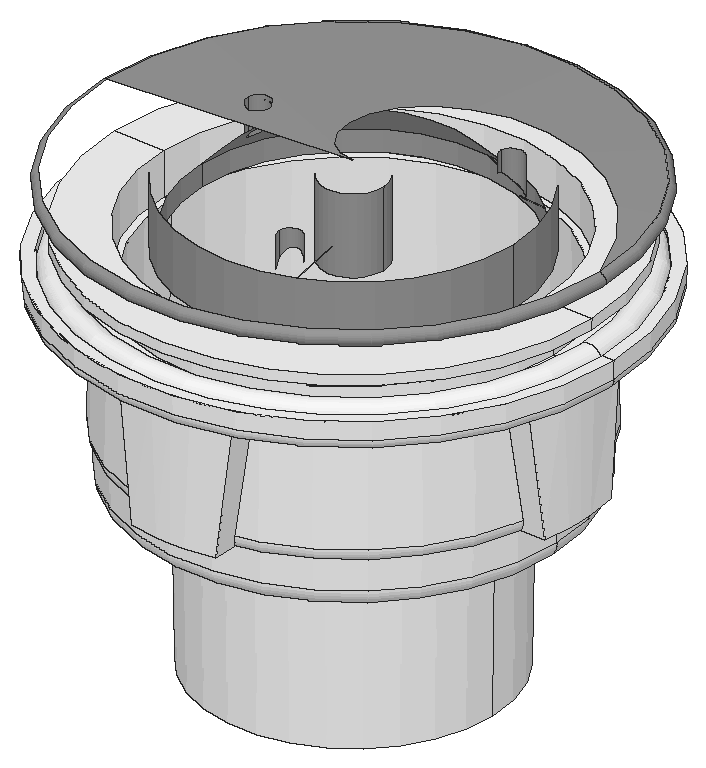
Revit family "0526.13 LRP DC HF BE50", category Plumbing Fixtures, Revit 2016
Family settings
  Part Type = Normal
  Round Connector Dimension = Use Diameter
  OmniClass Number = 23.31.27.00
  OmniClass Title = Floor Drains
  Work Plane-Based = No
  Always vertical = Yes
  Cut with Voids When Loaded = No
  Shared = No
  Room Calculation Point = No
Parameters (values of type "0526.13")
  Waste Connection = yes
  Vent Connection = no
  URL = "www.aquaknight.co.nz"
  Phone = "+6498322214"  # constant formula
  Model = "LRP DC HF BE50 – 0526.13"
  Manufacturer = "Aquanight Industries Ltd"  # constant formula
  HW Connection = no
  Email = "info@aquaknight.co.nz"  # constant formula
  Description = "DWV50 Wastetrap with chrome dome lid"
  CW Connection = no
Reference planes
  plane 1 "Center (Front/Back)": y = 0
  plane 2: z = 0
  plane 3 "Center (Left/Right)": x = 0
  plane 4: x = -12.666
  plane 5: x = -8.658
  plane 6: z = -62.638
Forms (mm)
  Revolve 1, solid, material "Plastic, Glossy White"
    sketch origin (0, 0, 0) x (1, 0, 0) y (0, 0, 1)
      loop
        line (-42.055, -39.828) -> (-42.255, -28.405) -> (-40.35, -28.405) -> (-39.919, -2.405) -> (-41.45, -2.405) -> (-41.45, 6.595) -> (-52.279, 6.595) -> (-52.279, 4.395) -> (-50.75, 3.513) -> (-46.125, 3.095)
        arc (-46.125, 3.095) -> (-44.504, 2.292) -> (-43.85, 0.606) r 2.5
        line (-43.85, 0.606) -> (-43.85, -3.399) -> (-49.924, -3.399)
        arc (-49.924, -3.399) -> (-51.565, 1.366) -> (-53.206, -3.399) r 2.665
        line (-53.206, -3.399) -> (-54.441, -3.399) -> (-54.5, 0) -> (-57, 0) -> (-56.936, -3.693)
        arc (-56.936, -3.693) -> (-56.187, -5.433) -> (-54.434, -6.149) r 2.5
        line (-54.434, -6.149) -> (-45.017, -6.149)
        spline (-45.017, -6.149) -> (-45.069, -8.251) -> (-45.119, -10.355) -> (-45.168, -12.461) -> (-45.216, -14.57) -> (-45.262, -16.68) -> (-45.306, -18.793) -> (-45.349, -20.908) -> (-45.391, -23.025) -> (-45.431, -25.143) -> (-45.469, -27.264) -> (-45.506, -29.386) -> (-45.542, -31.51)
        arc (-45.542, -31.51) -> (-45.324, -32.787) -> (-44.659, -33.899) r 3.52
        line (-44.659, -33.899) -> (-44.55, -40.153)
        arc (-44.55, -40.153) -> (-43.731, -42.479) -> (-41.682, -43.852) r 3.908
        line (-41.682, -43.852) -> (-31, -46.8) -> (-30.6, -78.8) -> (-28.2, -78.8) -> (-27.85, -48.8) -> (-25.5, -48.8)
        arc (-25.5, -48.8) -> (-26.326, -46.353) -> (-28.465, -44.906) r 4.039
        line (-28.465, -44.906) -> (-40.746, -41.517)
        arc (-40.746, -41.517) -> (-41.682, -40.89) -> (-42.055, -39.828) r 1.784
      axis (0, 6.595) -> (0, -78.8)
    angle from 0 to 360
  Revolve 2, solid, material "Steel, Chrome Plated"
    sketch origin (0, 0, 0) x (1, 0, 0) y (0, 0, 1)
      loop
        arc (0, 19.379) -> (-26.979, 18.612) -> (-53.87, 16.314) r 475
        arc (-53.87, 16.314) -> (-55.191, 14.654) -> (-53.53, 13.334) r 1.5
        arc (-53.53, 13.334) -> (-44.274, 14.298) -> (-35, 15.079) r 472
        line (-35, 15.079) -> (-35, 2.379) -> (-33.2, 2.379) -> (-33.2, 6.88)
        spline (-33.2, 6.88) -> (-32.462, 7.618) -> (-31.723, 8.356) -> (-30.984, 9.095) -> (-30.244, 9.834) -> (-29.505, 10.573) -> (-28.765, 11.312) -> (-28.025, 12.052) -> (-27.285, 12.791) -> (-26.545, 13.531) -> (-25.805, 14.271) -> (-25.064, 15.011) -> (-24.324, 15.752)
        arc (-24.324, 15.752) -> (-15.477, 16.125) -> (-6.625, 16.332) r 472
        line (-6.625, 16.332) -> (-6.625, 0) -> (0, 0) -> (0, 19.379)
      axis (0, 19.379) -> (0, 0)
    angle from 0 to 360
  SweptBlend 3, solid, material "Plastic, Glossy White", detail levels fine
    path origin (0, 0, 0) x (1, 0, 0) y (0, 0, 1)
      loop
        line (0, -6.149) -> (0, -33.899)
    profile origin (0, 0, -6.149) x (0, -1, 0) y (1, 0, 0)
      loop
        arc (48.308, -12.6) -> (49.924, 0) -> (48.308, 12.6) r 49.924
        line (48.308, 12.6) -> (43.218, 12.6)
        arc (43.218, 12.6) -> (45.017, 0) -> (43.218, -12.6) r 45.017
        line (43.218, -12.6) -> (48.308, -12.6)
    end profile origin (0, 0, -33.899) x (0, -1, 0) y (1, 0, 0)
      loop
        arc (49.088, -9.1) -> (49.924, 0) -> (49.088, 9.1) r 49.924
        line (49.088, 9.1) -> (44.088, 9.1)
        arc (44.088, 9.1) -> (45.017, 0) -> (44.088, -9.1) r 45.017
        line (44.088, -9.1) -> (49.088, -9.1)
  SweptBlend 4, solid, material "Plastic, Glossy White", detail levels fine
    path origin (0, 0, 0) x (0, -1, 0) y (0, 0, 1)
      loop
        line (0, -6.149) -> (0, -33.899)
    profile origin (0, 0, -6.149) x (-1, 0, 0) y (0, -1, 0)
      loop
        arc (48.308, -12.6) -> (49.924, 0) -> (48.308, 12.6) r 49.924
        line (48.308, 12.6) -> (43.218, 12.6)
        arc (43.218, 12.6) -> (45.017, 0) -> (43.218, -12.6) r 45.017
        line (43.218, -12.6) -> (48.308, -12.6)
    end profile origin (0, 0, -33.899) x (-1, 0, 0) y (0, -1, 0)
      loop
        arc (49.088, -9.1) -> (49.924, 0) -> (49.088, 9.1) r 49.924
        line (49.088, 9.1) -> (44.088, 9.1)
        arc (44.088, 9.1) -> (45.017, 0) -> (44.088, -9.1) r 45.017
        line (44.088, -9.1) -> (49.088, -9.1)
  SweptBlend 5, solid, material "Plastic, Glossy White", detail levels fine
    path origin (0, 0, 0) x (-1, 0, 0) y (0, 0, 1)
      loop
        line (0, -6.149) -> (0, -33.899)
    profile origin (0, 0, -6.149) x (0, 1, 0) y (-1, 0, 0)
      loop
        arc (48.308, -12.6) -> (49.924, 0) -> (48.308, 12.6) r 49.924
        line (48.308, 12.6) -> (43.218, 12.6)
        arc (43.218, 12.6) -> (45.017, 0) -> (43.218, -12.6) r 45.017
        line (43.218, -12.6) -> (48.308, -12.6)
    end profile origin (0, 0, -33.899) x (0, 1, 0) y (-1, 0, 0)
      loop
        arc (49.088, -9.1) -> (49.924, 0) -> (49.088, 9.1) r 49.924
        line (49.088, 9.1) -> (44.088, 9.1)
        arc (44.088, 9.1) -> (45.017, 0) -> (44.088, -9.1) r 45.017
        line (44.088, -9.1) -> (49.088, -9.1)
  SweptBlend 6, solid, material "Plastic, Glossy White", detail levels fine
    path origin (0, 0, 0) x (0, 1, 0) y (0, 0, 1)
      loop
        line (0, -6.149) -> (0, -33.899)
    profile origin (0, 0, -6.149) x (1, 0, 0) y (0, 1, 0)
      loop
        arc (48.308, -12.6) -> (49.924, 0) -> (48.308, 12.6) r 49.924
        line (48.308, 12.6) -> (43.218, 12.6)
        arc (43.218, 12.6) -> (45.017, 0) -> (43.218, -12.6) r 45.017
        line (43.218, -12.6) -> (48.308, -12.6)
    end profile origin (0, 0, -33.899) x (1, 0, 0) y (0, 1, 0)
      loop
        arc (49.088, -9.1) -> (49.924, 0) -> (49.088, 9.1) r 49.924
        line (49.088, 9.1) -> (44.088, 9.1)
        arc (44.088, 9.1) -> (45.017, 0) -> (44.088, -9.1) r 45.017
        line (44.088, -9.1) -> (49.088, -9.1)
  Extrusion 7, void
    sketch origin (0, 0, 4) x (0, 1, 0) y (-1, 0, 0)
      loop
        circle (6.912, 26.331) r 2.367
      loop
        circle (19.305, -19.28) r 2.367
      loop
        circle (-26.296, -7.189) r 2.367
    from -7.399 to 18.251
Cuts and joins
  Extrusion 7 cuts Revolve 2
Dimensions and locks
  plane 2 to plane 6 = 62.638 mm
  aligned and locked: level to plane 2
  aligned and locked: Revolve 1 sketch curve to plane 3 "Center (Left/Right)"
  aligned and locked: Revolve 2 sketch curve to plane 3 "Center (Left/Right)"
Connectors
  piping at (0, 0, -62.638), diameter 50
    settings: on plane 6, index 1, connector inside diameter 609.6 mm, connector length 0 mm, flow factor 0, pipe flow 0.0 L/s, pressure drop 0.0 Pa, fitting loss kfactor 0, connector angle 0.00°, fixture units 0, engagement length 0 mm, angle of deflection 0.00°, flow configuration 0, flow direction 0, fitting loss method 0, system type 28, joint type 0, gender type 0, connector reference index -1, connector utility 0, adjustable connector no, is connector primary yes, connector description ""
